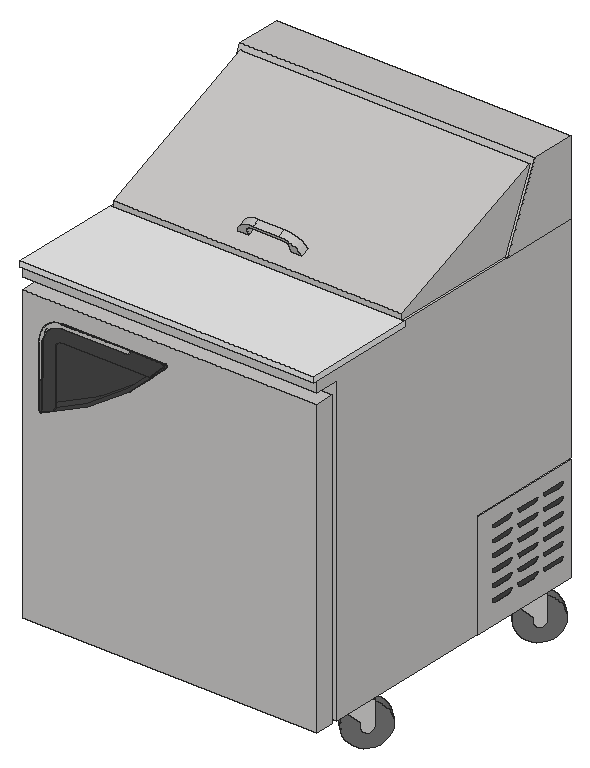
Revit family "QF_Turbo Air_TST-28SDef214565-ba15-4504-b318-b09ffe1b88e1", category Specialty Equipment, Revit 2012
Parameters
  Weight in Pounds = 195
  Watermarked By = "http://revitwatermark.com"
  Volts = 115 V
  URL Cutsheet = ""
  URL = "www.turboairinc.com"
  Status [instance] = ""
  Specification by User [instance] = ""
  Specification by Manufacturer [instance] = ""
  Serial Number [instance] = ""
  Revision Code [instance] = ""
  Phase = 1
  Number of Poles [instance] = 1
  NAFEM Spec ID Number [instance] = ""
  Model = "TST-28SD"
  Masterspec [instance] = ""
  Manufacturer = "Turbo Air"  # constant formula
  Legs [instance] = [6 inch Legs]  # no
  Item Number [instance] = "-"
  Installed By [instance] = ""
  HP = "1/4"
  Furnished By [instance] = ""
  Foodservice Equipment Identifier = yes
  FL Amps = 6.6 A
  Electrical Remarks [instance] = ""
  Electric Connection Type [instance] = ""
  Elec Conn RI Height [instance] = 0' - 0"
  Elec Conn Connection Height = 1' - 0"
  Description = "Sandwich/Salad Unit"
  Cycle = 60 Hz
  Conn Plug = "NEMA 5-15P"
  Casters [instance] = not(Legs)  # yes
  CasterLeg Height [instance] = if([4 inch Casters], 0' 5", if([5 inch Casters], 0' 5 3/4", if([2_5 inch Casters], 0' 3 3/8", 0' 6")))  # 0' - 5"
  CSI MasterFormat = "11 41 13"
  Assembly Code = "E1090320"
  Apparent Power = if(Phase = 3, Volts * FL Amps * 1.73, Volts * FL Amps)  # 759 VA
  6 inch Legs [instance] = no
  5 inch Casters [instance] = no
  4 inch Casters [instance] = yes
  2_5 inch Casters [instance] = no
Reference planes (in)
  plane 1 "BACK": y = 0
  plane 2: z = 0
  plane 3 "LEFT": x = -20.78844
  plane 4 "Bottom": z = 5
  plane 5 "Back Stops": y = 1
  plane 6 "RIGHT": x = 6.71156
  plane 7 "Front of Lid": y = -19.375
  plane 8 "FRONT": y = -30
  plane 9 "Door Clearance": y = -55.375
  plane 10 "Back of Door": y = -27.875
  plane 11 "Front of Box": y = -27.375
  plane 12 "Counter Top": z = 35
  plane 13 "TOP": z = 42
  plane 14 "Top of Door": z = 32.5
  plane 15 "Bottom of Cutting Board": z = 34.5
  plane 16 "Left of Lid": x = -20.53844
  plane 17 "Right of Lid": x = 6.46156
  plane 18 "Handle LR": x = -7.03844
  plane 19 "Lid Clearance": z = 45.5
Forms (in)
  Extrusion 1, solid, material "QF_Finishes_Stainless Steel"
    sketch origin (-20.78844, 0, 0) x (0, 1, 0) y (0, 0, 1)
      loop
        line (0, 5) -> (0, 35) -> (-19.375, 35) -> (-19.375, 34.5) -> (-29.625, 34.5) -> (-29.625, 33.5) -> (-27.375, 33.5) -> (-27.375, 5) -> (0, 5)
    from 0 to 27.5
  Extrusion 2, solid, material "QF_Finishes_Black"
    sketch origin (0, -27.375, 0) x (1, 0, 0) y (0, 0, 1)
      loop
        line (-19.78844, 31.5) -> (-19.78844, 6) -> (5.71156, 6) -> (5.71156, 31.5) -> (-19.78844, 31.5)
    from 0 to 0.5
  Extrusion 3, solid, material "QF_Finishes_Stainless Steel"
    sketch origin (-20.78844, 0, 0) x (0, 1, 0) y (0, 0, 1)
      loop
        line (0, 35) -> (0, 42) -> (-4.25, 42) -> (-7.375, 35) -> (0, 35)
    from 0 to 27.5
  Extrusion 4, solid, material "QF_Finishes_White"
    sketch origin (0, 0, 34.5) x (0, 1, 0) y (-1, 0, 0)
      loop
        line (-19.375, 20.78844) -> (-30, 20.78844) -> (-30, -6.71156) -> (-19.375, -6.71156) -> (-19.375, 20.78844)
    from 0 to 0.5
  Extrusion 5, solid, material "QF_Finishes_Stainless Steel"
    sketch origin (-20.53844, 0, 0) x (0, 1, 0) y (0, 0, 1)
      loop
        line (-19.375, 35) -> (-7.375, 35) -> (-4.45383, 41.54343) -> (-19.375, 35.5) -> (-19.375, 35)
    from 0 to 27
  Extrusion 6, solid, material "QF_Finishes_Stainless Steel"
    sketch origin (-8.25, -2.56728, -1.00345) x (1, 0, 0) y (0, -0.375401, 0.926862)
      loop
        line (3.21156, 40.14331) -> (4.21156, 40.14331)
        arc (4.21156, 40.14331) -> (3.53685, 41.04872) -> (2.46156, 41.39331) r 1.85
        line (2.46156, 41.39331) -> (-0.03844, 41.39331)
        arc (-0.03844, 41.39331) -> (-1.11373, 41.04872) -> (-1.78844, 40.14331) r 1.85
        line (-1.78844, 40.14331) -> (-0.78844, 40.14331) -> (-0.78844, 40.64331)
        arc (-0.78844, 40.64331) -> (-0.64199, 40.99687) -> (-0.28844, 41.14331) r 0.5
        line (-0.28844, 41.14331) -> (2.71156, 41.14331)
        arc (2.71156, 41.14331) -> (3.06511, 40.99687) -> (3.21156, 40.64331) r 0.5
        line (3.21156, 40.64331) -> (3.21156, 40.14331)
    from -0.375 to 0.375
  Extrusion 7, solid, material "QF_Finishes_Clearances", detail levels coarse
    sketch origin (-20.53844, -47.10516, 30.9878) x (0, -0.107999, -0.994151) y (0, 0.994151, -0.107999)
      loop
        arc (-18.50215, 35.94217) -> (-14.82668, 29.22878) -> (-7.48065, 27.08065) r 10
        line (-7.48065, 27.08065) -> (-15.10021, 41.26186) -> (-18.50215, 36.44217) -> (-18.50215, 35.94217)
    from 0 to 27
  Extrusion 8, void
    sketch origin (6.71156, 0, 0) x (0, 1, 0) y (0, 0, 1)
      loop
        line (0, 5) -> (0, 15) -> (-11, 15) -> (-11, 5) -> (0, 5)
    from 0 to -1
  Extrusion 9, solid, material "QF_Finishes_Stainless Steel"
    sketch origin (6.71156, 0, 0) x (0, 1, 0) y (0, 0, 1)
      loop
        line (-10.875, 14.875) -> (-10.875, 5) -> (0, 5) -> (0, 14.875) -> (-10.875, 14.875)
      loop
        arc (-9.25, 13.5) -> (-9.10355, 13.14645) -> (-8.75, 13) r 0.5
        line (-8.75, 13) -> (-7.25, 13)
        arc (-7.25, 13) -> (-6.89645, 13.14645) -> (-6.75, 13.5) r 0.5
        line (-6.75, 13.5) -> (-9.25, 13.5)
      loop
        arc (-6.25, 13.5) -> (-6.10355, 13.14645) -> (-5.75, 13) r 0.5
        line (-5.75, 13) -> (-4.25, 13)
        arc (-4.25, 13) -> (-3.89645, 13.14645) -> (-3.75, 13.5) r 0.5
        line (-3.75, 13.5) -> (-6.25, 13.5)
      loop
        arc (-3.25, 13.5) -> (-3.10355, 13.14645) -> (-2.75, 13) r 0.5
        line (-2.75, 13) -> (-1.25, 13)
        arc (-1.25, 13) -> (-0.89645, 13.14645) -> (-0.75, 13.5) r 0.5
        line (-0.75, 13.5) -> (-3.25, 13.5)
      loop
        arc (-9.25, 12.25) -> (-9.10355, 11.89645) -> (-8.75, 11.75) r 0.5
        line (-8.75, 11.75) -> (-7.25, 11.75)
        arc (-7.25, 11.75) -> (-6.89645, 11.89645) -> (-6.75, 12.25) r 0.5
        line (-6.75, 12.25) -> (-9.25, 12.25)
      loop
        arc (-6.25, 12.25) -> (-6.10355, 11.89645) -> (-5.75, 11.75) r 0.5
        line (-5.75, 11.75) -> (-4.25, 11.75)
        arc (-4.25, 11.75) -> (-3.89645, 11.89645) -> (-3.75, 12.25) r 0.5
        line (-3.75, 12.25) -> (-6.25, 12.25)
      loop
        arc (-3.25, 12.25) -> (-3.10355, 11.89645) -> (-2.75, 11.75) r 0.5
        line (-2.75, 11.75) -> (-1.25, 11.75)
        arc (-1.25, 11.75) -> (-0.89645, 11.89645) -> (-0.75, 12.25) r 0.5
        line (-0.75, 12.25) -> (-3.25, 12.25)
      loop
        arc (-9.25, 11) -> (-9.10355, 10.64645) -> (-8.75, 10.5) r 0.5
        line (-8.75, 10.5) -> (-7.25, 10.5)
        arc (-7.25, 10.5) -> (-6.89645, 10.64645) -> (-6.75, 11) r 0.5
        line (-6.75, 11) -> (-9.25, 11)
      loop
        arc (-6.25, 11) -> (-6.10355, 10.64645) -> (-5.75, 10.5) r 0.5
        line (-5.75, 10.5) -> (-4.25, 10.5)
        arc (-4.25, 10.5) -> (-3.89645, 10.64645) -> (-3.75, 11) r 0.5
        line (-3.75, 11) -> (-6.25, 11)
      loop
        arc (-3.25, 11) -> (-3.10355, 10.64645) -> (-2.75, 10.5) r 0.5
        line (-2.75, 10.5) -> (-1.25, 10.5)
        arc (-1.25, 10.5) -> (-0.89645, 10.64645) -> (-0.75, 11) r 0.5
        line (-0.75, 11) -> (-3.25, 11)
      loop
        arc (-9.25, 9.75) -> (-9.10355, 9.39645) -> (-8.75, 9.25) r 0.5
        line (-8.75, 9.25) -> (-7.25, 9.25)
        arc (-7.25, 9.25) -> (-6.89645, 9.39645) -> (-6.75, 9.75) r 0.5
        line (-6.75, 9.75) -> (-9.25, 9.75)
      loop
        arc (-6.25, 9.75) -> (-6.10355, 9.39645) -> (-5.75, 9.25) r 0.5
        line (-5.75, 9.25) -> (-4.25, 9.25)
        arc (-4.25, 9.25) -> (-3.89645, 9.39645) -> (-3.75, 9.75) r 0.5
        line (-3.75, 9.75) -> (-6.25, 9.75)
      loop
        arc (-3.25, 9.75) -> (-3.10355, 9.39645) -> (-2.75, 9.25) r 0.5
        line (-2.75, 9.25) -> (-1.25, 9.25)
        arc (-1.25, 9.25) -> (-0.89645, 9.39645) -> (-0.75, 9.75) r 0.5
        line (-0.75, 9.75) -> (-3.25, 9.75)
      loop
        arc (-9.25, 8.5) -> (-9.10355, 8.14645) -> (-8.75, 8) r 0.5
        line (-8.75, 8) -> (-7.25, 8)
        arc (-7.25, 8) -> (-6.89645, 8.14645) -> (-6.75, 8.5) r 0.5
        line (-6.75, 8.5) -> (-9.25, 8.5)
      loop
        arc (-6.25, 8.5) -> (-6.10355, 8.14645) -> (-5.75, 8) r 0.5
        line (-5.75, 8) -> (-4.25, 8)
        arc (-4.25, 8) -> (-3.89645, 8.14645) -> (-3.75, 8.5) r 0.5
        line (-3.75, 8.5) -> (-6.25, 8.5)
      loop
        arc (-3.25, 8.5) -> (-3.10355, 8.14645) -> (-2.75, 8) r 0.5
        line (-2.75, 8) -> (-1.25, 8)
        arc (-1.25, 8) -> (-0.89645, 8.14645) -> (-0.75, 8.5) r 0.5
        line (-0.75, 8.5) -> (-3.25, 8.5)
      loop
        arc (-9.25, 7.25) -> (-9.10355, 6.89645) -> (-8.75, 6.75) r 0.5
        line (-8.75, 6.75) -> (-7.25, 6.75)
        arc (-7.25, 6.75) -> (-6.89645, 6.89645) -> (-6.75, 7.25) r 0.5
        line (-6.75, 7.25) -> (-9.25, 7.25)
      loop
        arc (-6.25, 7.25) -> (-6.10355, 6.89645) -> (-5.75, 6.75) r 0.5
        line (-5.75, 6.75) -> (-4.25, 6.75)
        arc (-4.25, 6.75) -> (-3.89645, 6.89645) -> (-3.75, 7.25) r 0.5
        line (-3.75, 7.25) -> (-6.25, 7.25)
      loop
        arc (-3.25, 7.25) -> (-3.10355, 6.89645) -> (-2.75, 6.75) r 0.5
        line (-2.75, 6.75) -> (-1.25, 6.75)
        arc (-1.25, 6.75) -> (-0.89645, 6.89645) -> (-0.75, 7.25) r 0.5
        line (-0.75, 7.25) -> (-3.25, 7.25)
    from 0 to -1
  Extrusion 10, solid, material "QF_Finishes_Black"
    sketch origin (6.71156, 0, 0) x (0, 1, 0) y (0, 0, 1)
      loop
        line (-9.875, 13.95221) -> (-9.875, 6.20221) -> (-0.375, 6.20221) -> (-0.375, 13.95221) -> (-9.875, 13.95221)
    from -0.125 to -1
  Extrusion 11, solid, material "QF_Finishes_Black"
    sketch origin (0, 0, 0) x (1, 0, 0) y (0, 0, 1)
      loop
        circle (-14.66344, 30.1875) r 0.5
      loop
        circle (0.58656, 30.1875) r 0.5
    from 0 to -1
  Extrusion 12, solid, material "QF_Finishes_Stainless Steel"
    sketch origin (0, 0, 0) x (1, 0, 0) y (0, 0, 1)
      loop
        circle (2.71156, 11.125) r 0.25
    from 0 to -0.0625
Cuts and joins
  Extrusion 8 cuts Extrusion 1
Lines and regions (in)
  symbolic lines
    curve 1: line (-20.78844, 0, 35) -> (6.71156, 0, 35)
    curve 2: line (-20.78844, -30, 35) -> (-20.78844, 0, 35)
    curve 3: line (6.71156, -30, 35) -> (-20.78844, -30, 35)
    curve 4: line (6.71156, 0, 35) -> (6.71156, -30, 35)
    curve 5: line (-20.78844, -19.375, 35) -> (6.71156, -19.375, 35)
    curve 6: line (-20.78844, -4.25, 35) -> (6.71156, -4.25, 35)
    curve 7: line (0.08656, 1, 35) -> (1.08656, 1, 35)
    curve 8: line (-15.16344, 1, 35) -> (-14.16344, 1, 35)
    curve 9: line (-15.16344, 1, 35) -> (-15.16344, 0, 35)
    curve 10: line (-14.16344, 1, 35) -> (-14.16344, 0, 35)
    curve 11: line (0.08656, 1, 35) -> (0.08656, 0, 35)
    curve 12: line (1.08656, 1, 35) -> (1.08656, 0, 35)
    curve 13: line (-9.03844, -17.28956, 35) -> (-10.03844, -17.28956, 35)
    curve 14: line (-10.03844, -17.28956, 35) -> (-10.03844, -17.98471, 35)
    curve 15: line (-9.03844, -17.47726, 35) -> (-9.03844, -17.28956, 35)
    curve 16: line (-5.78844, -18.45396, 35) -> (-8.28844, -18.45396, 35)
    curve 17: line (-5.53844, -17.66496, 35) -> (-8.53844, -17.66496, 35)
    curve 18: line (-5.03844, -17.28956, 35) -> (-5.03844, -17.47726, 35)
    curve 19: line (-4.03844, -17.28956, 35) -> (-5.03844, -17.28956, 35)
    curve 20: line (-4.03844, -17.98471, 35) -> (-4.03844, -17.28956, 35)
    curve 21: spline (-4.03844, -17.98471, 35) -> (-4.1097, -18.0513, 35) -> (-4.19888, -18.11477, 35) -> (-4.30503, -18.17445, 35) -> (-4.42702, -18.2297, 35) -> (-4.56355, -18.27993, 35) -> (-4.71315, -18.3246, 35) -> (-4.87423, -18.36324, 35) -> (-5.04508, -18.39543, 35) -> (-5.22386, -18.42083, 35) -> (-5.40867, -18.43917, 35) -> (-5.59754, -18.45025, 35) -> (-5.78844, -18.45396, 35)
    curve 22: spline (-8.53844, -17.66496, 35) -> (-8.6037, -17.66336, 35) -> (-8.66785, -17.65857, 35) -> (-8.72978, -17.65067, 35) -> (-8.78844, -17.63981, 35) -> (-8.84282, -17.62617, 35) -> (-8.89199, -17.60998, 35) -> (-8.93512, -17.59153, 35) -> (-8.97145, -17.57111, 35) -> (-9.00038, -17.54909, 35) -> (-9.0214, -17.52584, 35) -> (-9.03416, -17.50176, 35) -> (-9.03844, -17.47726, 35)
    curve 23: spline (-5.03844, -17.47726, 35) -> (-5.04272, -17.50176, 35) -> (-5.05548, -17.52584, 35) -> (-5.0765, -17.54909, 35) -> (-5.10543, -17.57111, 35) -> (-5.14176, -17.59153, 35) -> (-5.18489, -17.60998, 35) -> (-5.23406, -17.62617, 35) -> (-5.28844, -17.63981, 35) -> (-5.3471, -17.65067, 35) -> (-5.40903, -17.65857, 35) -> (-5.47318, -17.66336, 35) -> (-5.53844, -17.66496, 35)
    curve 24: spline (-8.28844, -18.45396, 35) -> (-8.47934, -18.45025, 35) -> (-8.66821, -18.43917, 35) -> (-8.85302, -18.42083, 35) -> (-9.0318, -18.39543, 35) -> (-9.20265, -18.36324, 35) -> (-9.36373, -18.3246, 35) -> (-9.51333, -18.27993, 35) -> (-9.64986, -18.2297, 35) -> (-9.77185, -18.17445, 35) -> (-9.878, -18.11477, 35) -> (-9.96718, -18.0513, 35) -> (-10.03844, -17.98471, 35)
  symbolic lines, style "QF_Clearances", detail levels coarse
    curve 25: line (6.71156, -30, 35) -> (6.71156, -55.375, 35)
    curve 26: arc (6.71156, -55.375, 35) -> (-11.96747, -48.05776, 35) -> (-20.70621, -30, 35) r 27.5
  symbolic lines, style "QF_Surface Details"
    curve 27: line (-20.16344, -10.41441, 35) -> (-20.16344, -6.42258, 35)
    curve 28: line (-14.16344, -10.41441, 35) -> (-14.16344, -6.42258, 35)
    curve 29: line (-15.16344, -5.42258, 35) -> (-19.16344, -5.42258, 35)
    curve 30: line (-15.16344, -11.41441, 35) -> (-19.16344, -11.41441, 35)
    curve 31: arc (-19.16344, -5.42258, 35) -> (-19.87055, -5.71547, 35) -> (-20.16344, -6.42258, 35) r 1
    curve 32: arc (-15.16344, -5.42258, 35) -> (-14.45633, -5.71547, 35) -> (-14.16344, -6.42258, 35) r 1
    curve 33: arc (-14.16344, -10.41441, 35) -> (-14.45633, -11.12152, 35) -> (-15.16344, -11.41441, 35) r 1
    curve 34: arc (-19.16344, -11.41441, 35) -> (-19.87055, -11.12152, 35) -> (-20.16344, -10.41441, 35) r 1
    curve 35: line (-7.41344, -10.41441, 35) -> (-7.41344, -6.42258, 35)
    curve 36: line (-13.41344, -10.41441, 35) -> (-13.41344, -6.42258, 35)
    curve 37: line (-12.41344, -5.42258, 35) -> (-8.41344, -5.42258, 35)
    curve 38: line (-12.41344, -11.41441, 35) -> (-8.41344, -11.41441, 35)
    curve 39: arc (-8.41344, -5.42258, 35) -> (-7.70633, -5.71547, 35) -> (-7.41344, -6.42258, 35) r 1
    curve 40: arc (-12.41344, -5.42258, 35) -> (-13.12055, -5.71547, 35) -> (-13.41344, -6.42258, 35) r 1
    curve 41: arc (-13.41344, -10.41441, 35) -> (-13.12055, -11.12152, 35) -> (-12.41344, -11.41441, 35) r 1
    curve 42: arc (-8.41344, -11.41441, 35) -> (-7.70633, -11.12152, 35) -> (-7.41344, -10.41441, 35) r 1
    curve 43: line (-20.16344, -13.41441, 35) -> (-20.16344, -17.40625, 35)
    curve 44: line (-14.16344, -13.41441, 35) -> (-14.16344, -17.40625, 35)
    curve 45: line (-15.16344, -18.40625, 35) -> (-19.16344, -18.40625, 35)
    curve 46: line (-15.16344, -12.41441, 35) -> (-19.16344, -12.41441, 35)
    curve 47: arc (-19.16344, -18.40625, 35) -> (-19.87055, -18.11336, 35) -> (-20.16344, -17.40625, 35) r 1
    curve 48: arc (-15.16344, -18.40625, 35) -> (-14.45633, -18.11336, 35) -> (-14.16344, -17.40625, 35) r 1
    curve 49: arc (-14.16344, -13.41441, 35) -> (-14.45633, -12.70731, 35) -> (-15.16344, -12.41441, 35) r 1
    curve 50: arc (-19.16344, -12.41441, 35) -> (-19.87055, -12.70731, 35) -> (-20.16344, -13.41441, 35) r 1
    curve 51: line (-7.41344, -13.41441, 35) -> (-7.41344, -17.40625, 35)
    curve 52: line (-13.41344, -13.41441, 35) -> (-13.41344, -17.40625, 35)
    curve 53: line (-12.41344, -18.40625, 35) -> (-8.41344, -18.40625, 35)
    curve 54: line (-12.41344, -12.41441, 35) -> (-8.41344, -12.41441, 35)
    curve 55: arc (-8.41344, -18.40625, 35) -> (-7.70633, -18.11336, 35) -> (-7.41344, -17.40625, 35) r 1
    curve 56: arc (-12.41344, -18.40625, 35) -> (-13.12055, -18.11336, 35) -> (-13.41344, -17.40625, 35) r 1
    curve 57: arc (-13.41344, -13.41441, 35) -> (-13.12055, -12.70731, 35) -> (-12.41344, -12.41441, 35) r 1
    curve 58: arc (-8.41344, -12.41441, 35) -> (-7.70633, -12.70731, 35) -> (-7.41344, -13.41441, 35) r 1
    curve 59: line (6.08656, -10.41441, 35) -> (6.08656, -6.42258, 35)
    curve 60: line (0.08656, -10.41441, 35) -> (0.08656, -6.42258, 35)
    curve 61: line (1.08656, -5.42258, 35) -> (5.08656, -5.42258, 35)
    curve 62: line (1.08656, -11.41441, 35) -> (5.08656, -11.41441, 35)
    curve 63: arc (5.08656, -5.42258, 35) -> (5.79367, -5.71547, 35) -> (6.08656, -6.42258, 35) r 1
    curve 64: arc (1.08656, -5.42258, 35) -> (0.37945, -5.71547, 35) -> (0.08656, -6.42258, 35) r 1
    curve 65: arc (0.08656, -10.41441, 35) -> (0.37945, -11.12152, 35) -> (1.08656, -11.41441, 35) r 1
    curve 66: arc (5.08656, -11.41441, 35) -> (5.79367, -11.12152, 35) -> (6.08656, -10.41441, 35) r 1
    curve 67: line (-6.66344, -10.41441, 35) -> (-6.66344, -6.42258, 35)
    curve 68: line (-0.66344, -10.41441, 35) -> (-0.66344, -6.42258, 35)
    curve 69: line (-1.66344, -5.42258, 35) -> (-5.66344, -5.42258, 35)
    curve 70: line (-1.66344, -11.41441, 35) -> (-5.66344, -11.41441, 35)
    curve 71: arc (-5.66344, -5.42258, 35) -> (-6.37055, -5.71547, 35) -> (-6.66344, -6.42258, 35) r 1
    curve 72: arc (-1.66344, -5.42258, 35) -> (-0.95633, -5.71547, 35) -> (-0.66344, -6.42258, 35) r 1
    curve 73: arc (-0.66344, -10.41441, 35) -> (-0.95633, -11.12152, 35) -> (-1.66344, -11.41441, 35) r 1
    curve 74: arc (-5.66344, -11.41441, 35) -> (-6.37055, -11.12152, 35) -> (-6.66344, -10.41441, 35) r 1
    curve 75: line (6.08656, -13.41441, 35) -> (6.08656, -17.40625, 35)
    curve 76: line (0.08656, -13.41441, 35) -> (0.08656, -17.40625, 35)
    curve 77: line (1.08656, -18.40625, 35) -> (5.08656, -18.40625, 35)
    curve 78: line (1.08656, -12.41441, 35) -> (5.08656, -12.41441, 35)
    curve 79: arc (5.08656, -18.40625, 35) -> (5.79367, -18.11336, 35) -> (6.08656, -17.40625, 35) r 1
    curve 80: arc (1.08656, -18.40625, 35) -> (0.37945, -18.11336, 35) -> (0.08656, -17.40625, 35) r 1
    curve 81: arc (0.08656, -13.41441, 35) -> (0.37945, -12.70731, 35) -> (1.08656, -12.41441, 35) r 1
    curve 82: arc (5.08656, -12.41441, 35) -> (5.79367, -12.70731, 35) -> (6.08656, -13.41441, 35) r 1
    curve 83: line (-6.66344, -13.41441, 35) -> (-6.66344, -17.40625, 35)
    curve 84: line (-0.66344, -13.41441, 35) -> (-0.66344, -17.40625, 35)
    curve 85: line (-1.66344, -18.40625, 35) -> (-5.66344, -18.40625, 35)
    curve 86: line (-1.66344, -12.41441, 35) -> (-5.66344, -12.41441, 35)
    curve 87: arc (-5.66344, -18.40625, 35) -> (-6.37055, -18.11336, 35) -> (-6.66344, -17.40625, 35) r 1
    curve 88: arc (-1.66344, -18.40625, 35) -> (-0.95633, -18.11336, 35) -> (-0.66344, -17.40625, 35) r 1
    curve 89: arc (-0.66344, -13.41441, 35) -> (-0.95633, -12.70731, 35) -> (-1.66344, -12.41441, 35) r 1
    curve 90: arc (-5.66344, -12.41441, 35) -> (-6.37055, -12.70731, 35) -> (-6.66344, -13.41441, 35) r 1
Dimensions and locks (in)
  "CasterLeg Height": plane 4 "Bottom" to plane 2
  locked: plane 1 "BACK" to plane 5 "Back Stops" at 1
  locked: plane 6 "RIGHT" to plane 3 "LEFT" at 27.5
  locked: plane 7 "Front of Lid" to plane 1 "BACK" at 19.375
  locked: plane 8 "FRONT" to plane 1 "BACK" at 30
  locked: plane 10 "Back of Door" to plane 1 "BACK" at 27.875
  locked: plane 10 "Back of Door" to plane 11 "Front of Box" at 0.5
  locked: plane 9 "Door Clearance" to plane 1 "BACK" at 55.375
  locked: plane 13 "TOP" to plane 12 "Counter Top" at 7
  locked: plane 12 "Counter Top" to plane 4 "Bottom" at 30
  locked: plane 12 "Counter Top" to plane 15 "Bottom of Cutting Board" at 0.5
  locked: plane 14 "Top of Door" to plane 4 "Bottom" at 27.5
  locked: plane 14 "Top of Door" to Extrusion 2 sketch curve at 1
  locked: Extrusion 2 sketch curve to plane 3 "LEFT" at 1
  locked: Extrusion 2 sketch curve to plane 4 "Bottom" at 1
  locked: Extrusion 2 sketch curve to plane 6 "RIGHT" at 1
  locked: plane 1 "BACK" to Extrusion 3 sketch curve at 4.25
  locked: plane 1 "BACK" to Extrusion 3 sketch curve at 7.375
  locked: plane 3 "LEFT" to plane 16 "Left of Lid" at 0.25
  locked: plane 17 "Right of Lid" to plane 6 "RIGHT" at 0.25
  equal spacing: plane 16 "Left of Lid", plane 18 "Handle LR", plane 17 "Right of Lid"
  locked: plane 19 "Lid Clearance" to plane 12 "Counter Top" at 10.5
  locked: Extrusion 5 sketch curve to plane 12 "Counter Top" at 0.5
  locked: plane 13 "TOP" to Extrusion 5 sketch curve at 0.45657
  locked: plane 1 "BACK" to Extrusion 5 sketch curve at 4.45383
  locked: plane 1 "BACK" to Extrusion 5 sketch curve at 7.375
  locked: Extrusion 6 to plane 12 "Counter Top" at 2.22168
  locked: Extrusion 6 to plane 12 "Counter Top" at 2.50323
  locked: plane 13 "TOP" to Extrusion 7 sketch curve at 0.45657
  locked: plane 19 "Lid Clearance" to Extrusion 7 sketch curve at 0.054
  locked: Extrusion 8 sketch curve to plane 1 "BACK" at 11
  locked: Extrusion 8 sketch curve to plane 4 "Bottom" at 10
  locked: plane 4 "Bottom" to Extrusion 9 sketch curve at 9.875
  locked: Extrusion 9 sketch curve to plane 1 "BACK" at 10.875
  locked: Extrusion 10 sketch curve to Extrusion 10 sketch curve at 7.75
  locked: Extrusion 10 sketch curve to plane 4 "Bottom" at 1.20221
  locked: Extrusion 10 sketch curve to Extrusion 10 sketch curve at 9.5
  locked: Extrusion 10 sketch curve to plane 1 "BACK" at 0.375
  locked: nested 2 to plane 1 "BACK" at 2.5625
  locked: plane 3 "LEFT" to nested 2 at 2.5
  locked: plane 3 "LEFT" to nested 3 at 2.5
  locked: plane 11 "Front of Box" to nested 3 at 4.625
  locked: nested 4 to plane 6 "RIGHT" at 2.5
  locked: nested 5 to plane 6 "RIGHT" at 2.5
  locked: plane 11 "Front of Box" to nested 5 at 4.625
  locked: nested 4 to plane 1 "BACK" at 2.5625
  locked: plane 12 "Counter Top" to Extrusion 11 sketch curve at 4.8125  (x2)
  locked: plane 6 "RIGHT" to Extrusion 11 sketch curve at 6.125
  locked: Extrusion 11 sketch curve to plane 3 "LEFT" at 6.125
  locked: Extrusion 12 sketch curve to plane 4 "Bottom" at 6.125
  locked: plane 6 "RIGHT" to Extrusion 12 sketch curve at 4
  locked: Extrusion 1 sketch curve to plane 15 "Bottom of Cutting Board" at 1
  locked: Extrusion 1 sketch curve to plane 8 "FRONT" at 0.375
  aligned and locked: level to plane 2
  aligned and locked: plane 3 "LEFT" to nested 1
  aligned and locked: plane 6 "RIGHT" to nested 1
  aligned and locked: nested 1 to plane 14 "Top of Door"
  aligned and locked: Extrusion 1 sketch curve to plane 1 "BACK"
  aligned and locked: Extrusion 1 sketch curve to plane 4 "Bottom"
  aligned and locked: plane 11 "Front of Box" to Extrusion 1 sketch curve
  aligned and locked: plane 6 "RIGHT" to Extrusion 1
  aligned and locked: plane 10 "Back of Door" to Extrusion 2
  aligned and locked: Extrusion 1 sketch curve to plane 12 "Counter Top"
  aligned and locked: Extrusion 3 sketch curve to plane 13 "TOP"
  aligned and locked: plane 1 "BACK" to Extrusion 3 sketch curve
  aligned and locked: Extrusion 3 sketch curve to plane 12 "Counter Top"
  aligned and locked: plane 6 "RIGHT" to Extrusion 3
  aligned and locked: plane 7 "Front of Lid" to Extrusion 4 sketch curve
  aligned and locked: plane 3 "LEFT" to Extrusion 4 sketch curve
  aligned and locked: Extrusion 4 sketch curve to plane 8 "FRONT"
  aligned and locked: Extrusion 4 sketch curve to plane 6 "RIGHT"
  aligned and locked: plane 12 "Counter Top" to Extrusion 4
  aligned and locked: plane 12 "Counter Top" to Extrusion 5 sketch curve
  aligned and locked: plane 7 "Front of Lid" to Extrusion 5 sketch curve
  aligned and locked: plane 17 "Right of Lid" to Extrusion 5
  aligned and locked: Extrusion 6 to Extrusion 5
  aligned and locked: plane 7 "Front of Lid" to Extrusion 7 sketch curve
  aligned and locked: plane 19 "Lid Clearance" to Extrusion 7 sketch curve
  aligned and locked: plane 17 "Right of Lid" to Extrusion 7
  aligned and locked: Extrusion 8 sketch curve to plane 1 "BACK"
  aligned and locked: Extrusion 8 sketch curve to plane 4 "Bottom"
  aligned and locked: Extrusion 11 to plane 5 "Back Stops"
  aligned and locked: plane 1 "BACK" to curve 1
  aligned and locked: curve 4 to plane 6 "RIGHT"
  aligned and locked: plane 3 "LEFT" to curve 2
  aligned and locked: curve 3 to plane 8 "FRONT"
  aligned and locked: curve 7 to Extrusion 11
  aligned and locked: curve 8 to Extrusion 11
  aligned and locked: curve 13 to Extrusion 6
  aligned and locked: curve 14 to Extrusion 6
  aligned and locked: Extrusion 6 to curve 15
  aligned and locked: curve 16 to Extrusion 6
  aligned and locked: curve 17 to Extrusion 6
  aligned and locked: curve 18 to Extrusion 6
  aligned and locked: curve 19 to Extrusion 6
  aligned and locked: curve 20 to Extrusion 6
  aligned and locked: Extrusion 1 sketch curve to plane 7 "Front of Lid"
  aligned and locked: plane 15 "Bottom of Cutting Board" to Extrusion 1 sketch curve
Automatic sketch dimensions
  plane 1 "BACK" to Extrusion 7 sketch curve = 0' - 8.87792"
  Extrusion 7 sketch curve to Extrusion 7 sketch curve = 0' - 3.40194"
  Extrusion 7 sketch curve to Extrusion 7 sketch curve = 0' - 6.53957"
  Extrusion 7 sketch curve to Extrusion 7 sketch curve = 0' - 1.07999"
  Extrusion 9 sketch curve to plane 1 "BACK" = 0' - 0"
  Extrusion 9 sketch curve to plane 4 "Bottom" = 0' - 0"
  Extrusion 9 sketch curve to Extrusion 9 sketch curve = 0' - 1 5/8"
  Extrusion 9 sketch curve to Extrusion 9 sketch curve = 0' - 0"  (x16)
  Extrusion 9 sketch curve to Extrusion 9 sketch curve = 0' - 0 1/2"  (x31)
  Extrusion 9 sketch curve to Extrusion 9 sketch curve = 0' - 1 1/2"  (x4)
  plane 1 "BACK" to Extrusion 9 sketch curve = 0' - 1 1/4"  (x3)
  plane 4 "Bottom" to Extrusion 9 sketch curve = 0' - 1 3/4"  (x2)
  Extrusion 9 sketch curve to Extrusion 9 sketch curve = 0' - 0 3/4"  (x15)
  Extrusion 6 sketch curve to plane 18 "Handle LR" = 0' - 3"
  Extrusion 6 sketch curve to Extrusion 6 sketch curve = 0' - 1"  (x2)
  Extrusion 6 sketch curve to Extrusion 6 sketch curve = 0' - 0 1/2"  (x3)
  Extrusion 6 sketch curve to Extrusion 6 sketch curve = 0' - 0 3/4"
  plane 18 "Handle LR" to Extrusion 6 sketch curve = 0' - 1 1/4"
  Extrusion 6 sketch curve to Extrusion 6 sketch curve = 0' - 0 1/4"
  Extrusion 6 sketch curve to Extrusion 6 sketch curve = 0' - 0"
  Extrusion 6 sketch curve to Extrusion 6 sketch curve = 0' - 0.6"
  plane 9 "Door Clearance" to curve 25 = 0' - 0"
  plane 10 "Back of Door" to curve 26 = 0' - 0"
  plane 7 "Front of Lid" to curve 5 = 0' - 0"
  curve 16 to curve 87 = 0' - 0.04771"
  curve 56 to plane 7 "Front of Lid" = 0' - 0 31/32"
  curve 47 to plane 7 "Front of Lid" = 0' - 0 31/32"
  curve 80 to plane 7 "Front of Lid" = 0' - 0 31/32"
  curve 21 to curve 19 = 0' - 0.69515"
  curve 24 to curve 13 = 0' - 0.69515"
  curve 21 to curve 23 = 0' - 0.0945"
  curve 24 to curve 21 = 0' - 0"
  curve 22 to curve 22 = 0' - 0.1877"
  curve 23 to curve 18 = 0' - 0.1877"
  curve 22 to curve 55 = 0' - 0.07101"
  curve 53 to curve 52 = 0' - 1"
  curve 47 to curve 47 = 0' - 1"
  curve 48 to curve 56 = 0' - 0"
  curve 24 to curve 83 = 0' - 0.35322"
  curve 85 to curve 84 = 0' - 1"
  curve 88 to curve 80 = 0' - 0"
  curve 79 to plane 17 "Right of Lid" = 0' - 0 3/8"
  curve 79 to curve 79 = 0' - 1"
  curve 80 to curve 81 = 0' - 3.99184"
  curve 56 to curve 57 = 0' - 3.99184"
  curve 58 to plane 18 "Handle LR" = 0' - 1 3/8"
  curve 13 to curve 58 = 0' - 3.87515"
  plane 16 "Left of Lid" to curve 50 = 0' - 0 3/8"
  curve 43 to curve 50 = 0' - 3.99184"
  curve 49 to curve 52 = 0' - 0"
  curve 82 to plane 17 "Right of Lid" = 0' - 1 3/8"
  curve 79 to curve 82 = 0' - 3.99184"
  plane 18 "Handle LR" to curve 83 = 0' - 0 3/8"
  curve 58 to curve 83 = 0' - 0"
  curve 84 to curve 76 = 0' - 0"
  curve 57 to curve 57 = 0' - 1"
  curve 49 to curve 46 = 0' - 1"
  curve 90 to curve 90 = 0' - 1"
  curve 54 to curve 38 = 0' - 1"
  curve 78 to curve 62 = 0' - 1"
  curve 86 to curve 70 = 0' - 1"
  curve 46 to curve 30 = 0' - 1"
  curve 30 to curve 33 = 0' - 1"
  curve 30 to curve 34 = 0' - 1"
  curve 59 to plane 17 "Right of Lid" = 0' - 0 3/8"
  curve 62 to curve 59 = 0' - 1"
  plane 18 "Handle LR" to curve 74 = 0' - 0 3/8"
  curve 74 to curve 74 = 0' - 1"
  curve 65 to curve 60 = 0' - 1"
  curve 35 to plane 18 "Handle LR" = 0' - 0 3/8"
  curve 35 to curve 74 = 0' - 0"
  curve 33 to curve 36 = 0' - 0"
  curve 73 to curve 65 = 0' - 0"
  curve 60 to curve 64 = 0' - 3.99184"
  curve 74 to curve 67 = 0' - 3.99184"
  curve 41 to curve 40 = 0' - 3.99184"
  curve 68 to curve 64 = 0' - 0"
  curve 39 to curve 67 = 0' - 0"
  curve 59 to curve 63 = 0' - 3.99184"
  plane 16 "Left of Lid" to curve 27 = 0' - 0 3/8"
  curve 27 to curve 27 = 0' - 3.99184"
  curve 28 to curve 40 = 0' - 0"
  curve 32 to curve 32 = 0' - 1"
  curve 64 to curve 61 = 0' - 1"
  curve 40 to curve 37 = 0' - 1"
  curve 72 to curve 72 = 0' - 1"
  curve 29 to curve 6 = 0' - 1.17258"
  curve 66 to curve 62 = 0' - 4"
  curve 79 to curve 80 = 0' - 4"
  curve 12 to plane 17 "Right of Lid" = 0' - 5 3/8"
  curve 7 to curve 7 = 0' - 1"
  curve 80 to curve 84 = 0' - 0 3/4"
  curve 64 to curve 68 = 0' - 0 3/4"
  curve 21 to curve 20 = 0' - 0.1"
  curve 23 to curve 87 = 0' - 0 1/8"
  curve 24 to curve 83 = 0' - 0.225"
  curve 22 to curve 24 = 0' - 0 1/4"
  curve 14 to curve 56 = 0' - 2 3/8"
  curve 37 to curve 37 = 0' - 4"
  curve 56 to curve 44 = 0' - 0 3/4"
  plane 16 "Left of Lid" to curve 8 = 0' - 6 3/8"
  curve 36 to curve 33 = 0' - 0 3/4"
  curve 10 to curve 9 = 0' - 1"
  radius of Extrusion 11 sketch curve = 0' - 0 1/2"  (x2)
  radius of Extrusion 12 sketch curve = 0' - 0 1/4"
Nested families (in)
  nested 1: "QF_Turbo Air_TBL_Door-2" at (-8.46511, -27.875, 5) x (-1, 0, 0) z (0, 0, 1), type "QF_Turbo Air_TBL_Door-2"
    with Width 2' - 3 1/2", Symbolic Lines no, Height 2' - 3 1/2", Depth 0' - 1 13/16"
  nested 2: "FESCasterLeg" at (-18.28844, -2.5625, 0), Legs <- "Legs", Casters <- "Casters", Height <- "CasterLeg Height", type "FESCasterLeg"
    with Legs no, Height 0' - 5", Casters yes, Caster Radius 0' - 2"
  nested 3: "FESCasterLeg" at (-18.28844, -22.75, 0), Legs <- "Legs", Casters <- "Casters", Height <- "CasterLeg Height", type "FESCasterLeg"
    with Legs no, Height 0' - 5", Casters yes, Caster Radius 0' - 2"
  nested 4: "FESCasterLeg" at (4.21156, -2.5625, 0), Legs <- "Legs", Casters <- "Casters", Height <- "CasterLeg Height", type "FESCasterLeg"
    with Legs no, Height 0' - 5", Casters yes, Caster Radius 0' - 2"
  nested 5: "FESCasterLeg" at (4.21156, -22.75, 0), Legs <- "Legs", Casters <- "Casters", Height <- "CasterLeg Height", type "FESCasterLeg"
    with Legs no, Height 0' - 5", Casters yes, Caster Radius 0' - 2"
Connectors (in)
  electrical at (2.71156, 0.0625, 11.125), driven by "Number of Poles", driven by "Volts", driven by "Apparent Power"
    settings: on Extrusion 12, index 1, voltage 115 V, apparent load 759 VA, apparent load phase1 0 VA, apparent load phase2 0 VA, apparent load phase3 0 VA, power factor 1, load classification "Other", number of poles 1, system type 30, power factor state 1, is connector primary yes, connector utility no, sub classification motor no, connector description ""
Definition of nested family "QF_Turbo Air_TBL_Door-2"
  Parameters (values of type "QF_Turbo Air_TBL_Door-2")
    Width [instance] = 1' - 6"
    Watermarked By = "http://revitwatermark.com"
    Symbolic Lines [instance] = yes
    Manufacturer = "Turbo Air"  # constant formula
    Height [instance] = 2' - 3 1/2"
    Depth [instance] = 0' - 1 13/16"
  Reference planes (in)
    plane 1 "BACK": y = 0
    plane 2: z = 0
    plane 3 "LEFT": x = -15.17667
    plane 4: x = 2.82333
    plane 5 "FRONT": y = -1.8125
    plane 6: z = 27.5
  Forms (in)
    Extrusion 1, solid, material "QF_Finishes_Stainless Steel"
      sketch origin (0, 0, 0) x (1, 0, 0) y (0, 0, 1)
        loop
          line (-15.17667, 27.5) -> (-15.17667, 0) -> (2.82333, 0) -> (2.82333, 27.5) -> (-15.17667, 27.5)
        loop
          arc (1.26083, 23.75) -> (0.62013, 25.2968) -> (-0.92667, 25.9375) r 2.1875
          line (-0.92667, 25.9375) -> (-10.51602, 25.9375)
          arc (-10.51602, 25.9375) -> (-10.68463, 25.82502) -> (-10.64553, 25.62614) r 0.18261
          arc (-10.64553, 25.62614) -> (-5.27313, 21.0225) -> (1.01159, 17.7731) r 30.65514
          arc (1.01159, 17.7731) -> (1.18191, 17.79728) -> (1.26083, 17.95014) r 0.1875
          line (1.26083, 17.95014) -> (1.26083, 23.75)
      from 0 to 1.8125
    Extrusion 2, solid, material "QF_Finishes_Black"
      sketch origin (0, 0, 0) x (1, 0, 0) y (0, 0, 1)
        loop
          arc (-10.51602, 25.9375) -> (-10.68463, 25.82502) -> (-10.64553, 25.62614) r 0.18261
          arc (-10.64553, 25.62614) -> (-5.27313, 21.0225) -> (1.01159, 17.7731) r 30.65514
          arc (1.01159, 17.7731) -> (1.18191, 17.79728) -> (1.26083, 17.95014) r 0.1875
          line (1.26083, 17.95014) -> (1.26083, 23.75)
          arc (1.26083, 23.75) -> (0.62013, 25.2968) -> (-0.92667, 25.9375) r 2.1875
          line (-0.92667, 25.9375) -> (-10.51602, 25.9375)
      from 0 to 0.25
    Extrusion 3, solid, material "QF_Finishes_Black"
      sketch origin (0, -1.8125, 0) x (1, 0, 0) y (0, 0, 1)
        loop
          arc (-10.51602, 25.9375) -> (-10.68463, 25.82502) -> (-10.64553, 25.62614) r 0.18261
          arc (-10.64553, 25.62614) -> (-5.27313, 21.0225) -> (1.01159, 17.7731) r 30.65514
          arc (1.01159, 17.7731) -> (1.18191, 17.79728) -> (1.26083, 17.95014) r 0.1875
          line (1.26083, 17.95014) -> (1.26083, 23.75)
          arc (1.26083, 23.75) -> (0.62013, 25.2968) -> (-0.92667, 25.9375) r 2.1875
          line (-0.92667, 25.9375) -> (-10.51602, 25.9375)
        loop
          arc (-10.3612, 25.6875) -> (-5.1116, 21.21513) -> (1.01083, 18.04082) r 30.40514
          line (1.01083, 18.04082) -> (1.01083, 23.75)
          arc (1.01083, 23.75) -> (0.44335, 25.12002) -> (-0.92667, 25.6875) r 1.9375
          line (-0.92667, 25.6875) -> (-10.3612, 25.6875)
      from 0 to -1.5625
    Extrusion 4, solid, material "QF_Finishes_Stainless Steel"
      sketch origin (0, -1.8125, 0) x (1, 0, 0) y (0, 0, 1)
        loop
          line (0.8693, 23.74703) -> (0.8693, 20.9359)
          arc (0.8693, 20.9359) -> (0.97619, 20.67783) -> (1.23426, 20.57094) r 0.36497
          line (1.23426, 20.57094) -> (1.23426, 23.75728)
          arc (1.23426, 23.75728) -> (0.60343, 25.28026) -> (-0.91955, 25.9111) r 2.15381
          line (-0.91955, 25.9111) -> (-7.29364, 25.9111)
          arc (-7.29364, 25.9111) -> (-7.18686, 25.6533) -> (-6.92907, 25.54652) r 0.36457
          line (-6.92907, 25.54652) -> (-0.9302, 25.54652)
          arc (-0.9302, 25.54652) -> (0.34224, 25.01946) -> (0.8693, 23.74703) r 1.79949
      from 0 to 0.0625
    Extrusion 5, solid, material "QF_Finishes_Black"
      sketch origin (0, -1.8125, 0) x (1, 0, 0) y (0, 0, 1)
        loop
          line (-7.29579, 25.91713) -> (-10.23685, 25.91713)
          arc (-10.23685, 25.91713) -> (-10.4057, 25.80626) -> (-10.37109, 25.60724) r 0.18402
          arc (-10.37109, 25.60724) -> (-9.82156, 25.0362) -> (-9.25736, 24.47964) r 30.46741
          arc (-9.25736, 24.47964) -> (-9.13766, 24.40221) -> (-8.99771, 24.37509) r 0.37471
          line (-8.99771, 24.37509) -> (-0.92669, 24.37509)
          arc (-0.92669, 24.37509) -> (-0.48472, 24.19202) -> (-0.30165, 23.75005) r 0.62505
          line (-0.30165, 23.75005) -> (-0.30165, 18.75593)
          arc (-0.30165, 18.75593) -> (-0.23944, 18.54909) -> (-0.07345, 18.41087) r 0.375
          arc (-0.07345, 18.41087) -> (0.46451, 18.18804) -> (1.00663, 17.97553) r 30.46765
          arc (1.00663, 17.97553) -> (1.17982, 17.99636) -> (1.26095, 18.15079) r 0.18755
          line (1.26095, 18.15079) -> (1.26095, 20.57213)
          arc (1.26095, 20.57213) -> (0.98629, 20.66883) -> (0.87001, 20.93579) r 0.36461
          line (0.87001, 20.93579) -> (0.87001, 23.74835)
          arc (0.87001, 23.74835) -> (0.34256, 25.02175) -> (-0.93084, 25.54921) r 1.80086
          line (-0.93084, 25.54921) -> (-6.92787, 25.54921)
          arc (-6.92787, 25.54921) -> (-7.18803, 25.65697) -> (-7.29579, 25.91713) r 0.36792
      from 0 to 0.0625
  Lines and regions (in)
    symbolic lines, visible <- "Symbolic Lines"
      curve 1: line (-15.17667, 0, 25.96875) -> (2.82333, 0, 25.96875)
      curve 2: line (-15.17667, -1.8125, 25.96875) -> (-15.17667, 0, 25.96875)
      curve 3: line (2.82333, -1.8125, 25.96875) -> (-15.17667, -1.8125, 25.96875)
      curve 4: line (2.82333, 0, 25.96875) -> (2.82333, -1.8125, 25.96875)
  Dimensions and locks (in)
    "Width": plane 4 to plane 3 "LEFT"
    "Depth": plane 5 "FRONT" to plane 1 "BACK"
    "Height": plane 6 to plane 2
    locked: plane 4 to Extrusion 1 sketch curve at 3.75
    locked: plane 6 to Extrusion 1 sketch curve at 3.75
    locked: plane 6 to Extrusion 1 sketch curve at 9.54986
    locked: plane 4 to Extrusion 1 sketch curve at 1.5625
    locked: plane 6 to Extrusion 1 sketch curve at 1.5625
    locked: plane 4 to Extrusion 1 sketch curve at 13.33935
    locked: plane 6 to Extrusion 1 sketch curve at 1.87386
    locked: plane 6 to Extrusion 1 sketch curve at 9.7269
    locked: plane 4 to Extrusion 1 sketch curve at 1.81175
    locked: plane 4 to Extrusion 1 sketch curve at 13.46886
    locked: Extrusion 4 sketch curve to Extrusion 4 sketch curve at 0.36457
    locked: Extrusion 4 sketch curve to Extrusion 4 sketch curve at 0.36497
    locked: plane 4 to Extrusion 4 sketch curve at 1.58907
    locked: plane 6 to Extrusion 4 sketch curve at 1.5889
    plane 4 to Extrusion 4 sketch curve = 0' - 10.11697"
    locked: plane 4 to Extrusion 4 sketch curve at 9.7524
    locked: plane 4 to Extrusion 4 sketch curve at 3.74288
    locked: plane 4 to Extrusion 4 sketch curve at 3.75353
    locked: plane 6 to Extrusion 4 sketch curve at 3.74272
    locked: plane 6 to Extrusion 4 sketch curve at 3.75297
    locked: plane 6 to Extrusion 4 sketch curve at 6.92906
    locked: plane 6 to Extrusion 4 sketch curve at 6.5641
    locked: plane 4 to Extrusion 2 sketch curve at 3.75
    locked: plane 4 to Extrusion 2 sketch curve at 13.33935
    locked: plane 4 to Extrusion 2 sketch curve at 13.46886
    locked: plane 4 to Extrusion 2 sketch curve at 1.81175
    locked: plane 4 to Extrusion 2 sketch curve at 1.5625
    locked: plane 4 to Extrusion 5 sketch curve at 1.56238
    locked: plane 4 to Extrusion 5 sketch curve at 1.95332
    locked: plane 4 to Extrusion 5 sketch curve at 3.75417
    locked: plane 4 to Extrusion 5 sketch curve at 9.75121
    locked: plane 4 to Extrusion 5 sketch curve at 10.11912
    locked: plane 4 to Extrusion 5 sketch curve at 13.06018
    locked: plane 4 to Extrusion 5 sketch curve at 13.19443
    locked: plane 4 to Extrusion 5 sketch curve at 12.0807
    locked: plane 4 to Extrusion 5 sketch curve at 11.82104
    locked: plane 4 to Extrusion 5 sketch curve at 3.75003
    locked: plane 4 to Extrusion 5 sketch curve at 3.12498
    locked: plane 4 to Extrusion 5 sketch curve at 2.89679
    locked: plane 4 to Extrusion 5 sketch curve at 1.81671
    aligned and locked: level to plane 2
    aligned and locked: Extrusion 1 sketch curve to plane 6
    aligned and locked: plane 3 "LEFT" to Extrusion 1 sketch curve
    aligned and locked: level to Extrusion 1 sketch curve
    aligned and locked: Extrusion 1 sketch curve to plane 4
    aligned and locked: plane 5 "FRONT" to Extrusion 1
    aligned and locked: plane 1 "BACK" to curve 1
    aligned and locked: plane 3 "LEFT" to curve 2
    aligned and locked: curve 3 to plane 5 "FRONT"
    aligned and locked: curve 4 to plane 4
    aligned and locked: Extrusion 3 sketch curve to Extrusion 1  (x4)
  Automatic sketch dimensions
    plane 4 to Extrusion 1 sketch curve = 0' - 9.03101"
    Extrusion 2 sketch curve to plane 6 = 0' - 1 9/16"
    Extrusion 2 sketch curve to Extrusion 2 sketch curve = 0' - 5.79986"
    Extrusion 2 sketch curve to Extrusion 2 sketch curve = 0' - 0.31136"
    plane 4 to Extrusion 2 sketch curve = 0' - 9.03101"
    Extrusion 2 sketch curve to Extrusion 2 sketch curve = 0' - 0.17704"
    Extrusion 3 sketch curve to Extrusion 3 sketch curve = 0' - 0.12951"
    Extrusion 3 sketch curve to Extrusion 3 sketch curve = 0' - 0.15482"
    Extrusion 3 sketch curve to Extrusion 3 sketch curve = 0' - 0"  (x4)
    Extrusion 3 sketch curve to Extrusion 3 sketch curve = 0' - 0.00075"
    Extrusion 3 sketch curve to Extrusion 3 sketch curve = 0' - 0.09068"
    Extrusion 5 sketch curve to Extrusion 5 sketch curve = 0' - 0"  (x4)
    Extrusion 5 sketch curve to Extrusion 5 sketch curve = 0' - 0.00072"
    Extrusion 5 sketch curve to Extrusion 5 sketch curve = 0' - 2.81256"
    Extrusion 5 sketch curve to Extrusion 5 sketch curve = 0' - 0.36461"
    Extrusion 5 sketch curve to Extrusion 5 sketch curve = 0' - 1.8162"
    Extrusion 5 sketch curve to plane 6 = 0' - 1.89276"
    Extrusion 5 sketch curve to Extrusion 5 sketch curve = 0' - 0.14681"
    Extrusion 5 sketch curve to Extrusion 5 sketch curve = 0' - 0.06678"
    Extrusion 5 sketch curve to plane 6 = 0' - 1.58287"
Definition of nested family "FESCasterLeg"
  Parameters (values of type "FESCasterLeg")
    Watermarked By = "http://revitwatermark.com"
    Type Comments = "⍁⍉⌁⌀⏭⎽⌇⍠⌜⍉⎖⌥⌦⌯⍭⏊⍻⍿⍊⏵⍊⏗⏠⍴⎡⌈⎀⍠⌓⌤⏘⎐⍀⌐⏬⏁⎈⏍⏦⎒⏬⌝⍩⍇⌣〈⎫〉⎁⏊⍥⍖⍥⍝⍦⌖⍀⏌⏭⎝⎼⏷⏞⍻⏯⎽⏷⏞⍻⏯⎽⏷⎺⌻⎝⍎⌧⏷⏟⏿⌿⍜⍦⍤⌁⍬⏶⏎⍊⏚⏉⎞⌡⎀⎪⏈⌟⌿⍾⍼⌟⌿⌢⌞⏜⏝⎽⍷⍷⍯⍧⍷⌯⍽⏸⏨⏾⏎⌣⏺⍹⏼⏅⎏⌽⎫⎪⍙⎓⏗⎗⏅⌴⍏⍏⍿⏑⎺⍘⌭⏲⍥⎛⎾⎾⍞⍌⎪⎲⌙⎥⏏⎟⎟⏼⏘⎏⎝⏧⏍⏁⍏⍧⏯⏾⌟"
    Legs [instance] = yes
    Height [instance] = 0' - 6"
    Caster Radius [instance] = if(Height < 0' 3", 0' 1", (Height / 2) - 0' 0 1/2")  # 0' - 2 1/2"
    Casters [instance] = yes
    Assembly Code = ""
  Reference planes (in)
    plane 1 "Center (Front/Back)": y = 0
    plane 2: z = 0
    plane 3 "Center (Left/Right)": x = 0
    plane 4: z = 6
    plane 5: z = 5.5
  Forms (in)
    Extrusion 1, solid, material "QF_Finishes_Stainless Steel", visible <- "Casters"
      sketch origin (-24.12131, -22.88887, 10.18833) x (0.707107, 0.707107, 0) y (0, 0, 1)
        loop
          line (34.98772, -7.68833) -> (34.98772, -4.93833) -> (34.48772, -4.93833) -> (34.39402, -4.68833) -> (32.39402, -4.68833) -> (32.39402, -5.43833) -> (33.98772, -7.34206) -> (33.98772, -7.68833)
          arc (33.98772, -7.68833) -> (34.48772, -8.18833) -> (34.98772, -7.68833) r 0.5
      from 0 to 1.75
    Extrusion 2, solid, material "QF_Finishes_Rubber Black", visible <- "Casters"
      sketch origin (-24.32327, -23.09083, 13.31461) x (0.707107, 0.707107, 0) y (0, 0, 1)
        loop
          circle (34.77334, -10.81461) r 2.5
      from 0.375 to 1.375
    Extrusion 3, solid, material "QF_Finishes_Stainless Steel", visible <- "Casters"
      sketch origin (-7.24148, -8.48391, 0) x (0.707107, 0.707107, 0) y (0, 0, 1)
        loop
          line (10.61603, 5.5) -> (11.61603, 5.5) -> (11.61603, 6) -> (10.61603, 6) -> (10.61603, 5.5)
      from 0 to -1.75
    Blend 4, solid, material "QF_Finishes_Stainless Steel", visible <- "Legs"
      base sketch origin (0, 0, 0) x (1, 0, 0) y (0, 1, 0)
        loop
          circle (0, 0) r 0.5
      top sketch origin (0, 0, 0) x (1, 0, 0) y (0, 1, 0)
        loop
          circle (0, 0) r 1
      from 0 to 6 <- "Height"
  Lines and regions (in)
    symbolic lines, style "QF_Hidden Details", visible <- "Casters", built-in parameter 1006206 <- "Casters"
      curve 1: line (-1.26158, -0.51911, 0) -> (1.39007, 2.13254, 0)
      curve 2: line (-0.53429, -1.24639, 0) -> (2.11736, 1.40526, 0)
    symbolic lines, style "QF_Hidden Details", built-in parameter 1006206 <- "Casters", visible <- "Casters"
      curve 3: line (-1.26158, -0.51911, 0) -> (1.39007, 2.13254, 0)
      curve 4: line (-0.53429, -1.24639, 0) -> (2.11736, 1.40526, 0)
  Dimensions and locks (in)
    locked: plane 4 to plane 5 at 0.5
    "Height": plane 4 to level
    "Caster Radius": Extrusion 2 sketch curve to level
    "Caster Radius": Extrusion 1 sketch curve to level
    "Caster Radius": radius of Extrusion 2 sketch curve
    aligned and locked: plane 2 to level
    aligned: Blend 4 to Extrusion 3
    aligned and locked: plane 4 to Blend 4
    aligned and locked: Extrusion 3 to plane 5
    aligned and locked: plane 4 to Extrusion 3
    aligned and locked: plane 5 to Extrusion 1
  Automatic sketch dimensions
    plane 1 "Center (Front/Back)" to curve 3 = 0' - 0.51911"
    curve 3 to plane 3 "Center (Left/Right)" = 0' - 1.26158"
    plane 1 "Center (Front/Back)" to curve 1 = 0' - 0.51911"
    curve 1 to curve 3 = 0' - 0"  (x3)
    curve 4 to plane 3 "Center (Left/Right)" = 0' - 0.53429"
    curve 2 to curve 4 = 0' - 0"  (x2)
    plane 3 "Center (Left/Right)" to curve 3 = 0' - 1.39007"
    curve 1 to curve 4 = 0' - 0.72729"
    curve 2 to curve 1 = 0' - 0.72729"
    curve 4 to curve 2 = 0' - 0"  (x2)
    curve 2 to plane 1 "Center (Front/Back)" = 0' - 1.40526"
    curve 2 to curve 3 = 0' - 0.72729"
    plane 5 to Extrusion 1 sketch curve = 0' - 0"
    Extrusion 1 sketch curve to Extrusion 1 sketch curve = 0' - 1.5937"
    Extrusion 1 sketch curve to Extrusion 1 sketch curve = 0' - 2"
    Extrusion 1 sketch curve to Extrusion 1 sketch curve = 0' - 0.0937"
    Extrusion 1 sketch curve to Extrusion 1 sketch curve = 0' - 0 1/2"
    Extrusion 1 sketch curve to Extrusion 1 sketch curve = 0' - 0.34627"
    Extrusion 1 sketch curve to plane 5 = 0' - 0 3/4"
    Extrusion 1 sketch curve to plane 5 = 0' - 0 1/4"
    Extrusion 3 sketch curve to plane 5 = 0' - 0"
    plane 4 to Extrusion 3 sketch curve = 0' - 0"
    Extrusion 3 sketch curve to Extrusion 3 sketch curve = 0' - 1"
    plane 1 "Center (Front/Back)" to Blend 4 sketch curve = 0' - 0"  (x2)
    Blend 4 sketch curve to plane 3 "Center (Left/Right)" = 0' - 0"  (x2)
    radius of Blend 4 sketch curve = 0' - 0 1/2"
    radius of Blend 4 sketch curve = 0' - 1"
